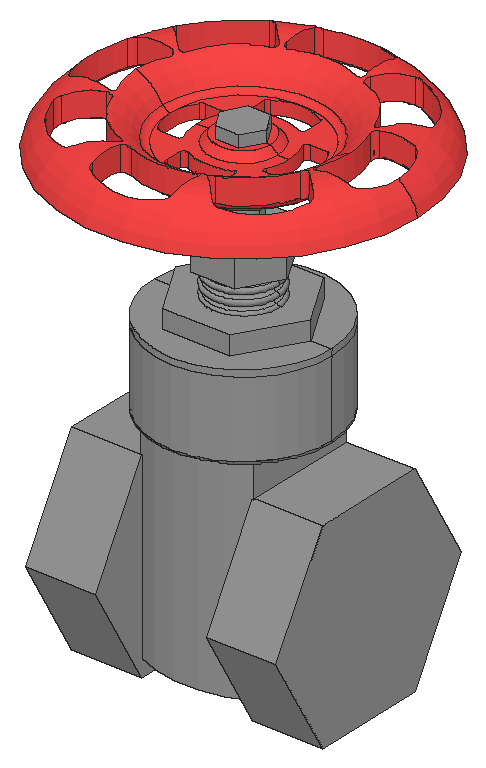
Revit family "707630001_Valvula Compuerta 1-2P", category Pipe Accessories, Revit 2020 (continued)
Definition of nested family "707630001_Valvula Compuerta 1-2P"
  Forms (mm)
    Extrusion 5, void
      sketch origin (0, 0, 0) x (1, 0, 0) y (0, 1, 0)
        loop
          arc (-21.08, 6.099) -> (-21.645, 5.95) -> (-22.064, 5.542) r 1.148
          arc (-22.064, 5.542) -> (-23.601, 0) -> (-22.064, -5.542) r 10.763
          arc (-22.064, -5.542) -> (-21.645, -5.95) -> (-21.08, -6.099) r 1.148
          line (-21.08, -6.099) -> (-15.74, -6.099)
          arc (-15.74, -6.099) -> (-15.133, -5.764) -> (-15.093, -5.072) r 0.718
          arc (-15.093, -5.072) -> (-16.242, 0) -> (-15.093, 5.072) r 11.767
          arc (-15.093, 5.072) -> (-15.133, 5.764) -> (-15.74, 6.099) r 0.718
        loop
          line (-6.099, -15.74) -> (-6.099, -21.08)
          arc (-6.099, -21.08) -> (-5.95, -21.645) -> (-5.542, -22.064) r 1.148
          arc (-5.542, -22.064) -> (0, -23.601) -> (5.542, -22.064) r 10.763
          arc (5.542, -22.064) -> (5.95, -21.645) -> (6.099, -21.08) r 1.148
          line (6.099, -21.08) -> (6.099, -15.74)
          arc (6.099, -15.74) -> (5.764, -15.133) -> (5.072, -15.093) r 0.718
          arc (5.072, -15.093) -> (0, -16.242) -> (-5.072, -15.093) r 11.767
          arc (-5.072, -15.093) -> (-5.764, -15.133) -> (-6.099, -15.74) r 0.718
        loop
          line (6.817, -15.443) -> (10.593, -19.218)
          arc (10.593, -19.218) -> (11.098, -19.513) -> (11.683, -19.52) r 1.148
          arc (11.683, -19.52) -> (16.688, -16.688) -> (19.52, -11.683) r 10.763
          arc (19.52, -11.683) -> (19.513, -11.098) -> (19.218, -10.593) r 1.148
          line (19.218, -10.593) -> (15.443, -6.817)
          arc (15.443, -6.817) -> (14.777, -6.625) -> (14.259, -7.086) r 0.718
          arc (14.259, -7.086) -> (11.485, -11.485) -> (7.086, -14.259) r 11.767
          arc (7.086, -14.259) -> (6.625, -14.777) -> (6.817, -15.443) r 0.718
        loop
          arc (-6.817, -15.443) -> (-6.625, -14.777) -> (-7.086, -14.259) r 0.718
          arc (-7.086, -14.259) -> (-11.485, -11.485) -> (-14.259, -7.086) r 11.767
          arc (-14.259, -7.086) -> (-14.777, -6.625) -> (-15.443, -6.817) r 0.718
          line (-15.443, -6.817) -> (-19.218, -10.593)
          arc (-19.218, -10.593) -> (-19.513, -11.098) -> (-19.52, -11.683) r 1.148
          arc (-19.52, -11.683) -> (-16.688, -16.688) -> (-11.683, -19.52) r 10.763
          arc (-11.683, -19.52) -> (-11.098, -19.513) -> (-10.593, -19.218) r 1.148
          line (-10.593, -19.218) -> (-6.817, -15.443)
      from 0 to 250
    Revolve 6, solid, material <- "Material"
      sketch origin (0, 0, 0) x (1, 0, 0) y (0, 0, 1)
        loop
          line (0, 51.5) -> (-2.5, 51.5) -> (-2.5, 45.5) -> (0, 45.5) -> (0, 51.5)
        axis (0, 51.5) -> (0, 45.5)
      angle from 0 to 360
    Revolve 7, solid, material <- "Material"
      sketch origin (0, 0, 0) x (1, 0, 0) y (0, 0, 1)
        loop
          line (0, 20.394) -> (0, 32.394) -> (-13.5, 32.394) -> (-13.5, 20.894)
          arc (-13.5, 20.894) -> (-13.354, 20.54) -> (-13, 20.394) r 0.5
          line (-13, 20.394) -> (0, 20.394)
        axis (0, 20.394) -> (0, 32.394)
      angle from 0 to 360
    Extrusion 8, solid, material <- "Material"
      sketch origin (0, 0, 0) x (1, 0, 0) y (0, 1, 0)
        loop
          line (6.673, 0) -> (3.336, 5.779) -> (-3.336, 5.779) -> (-6.673, 0) -> (-3.336, -5.779) -> (3.336, -5.779) -> (6.673, 0)
      from 40.533 to 45.5
    Revolve 9, solid, material <- "Material"
      sketch origin (0, 0, 5.192) x (1, 0, 0) y (0, 0, 1)
        loop
          line (0, 35.341) -> (-5, 35.341)
          arc (-5, 35.341) -> (-4.6, 34.941) -> (-5, 34.541) r 0.4
          arc (-5, 34.541) -> (-5.4, 34.141) -> (-5, 33.741) r 0.4
          arc (-5, 33.741) -> (-4.6, 33.341) -> (-5, 32.941) r 0.4
          arc (-5, 32.941) -> (-5.4, 32.541) -> (-5, 32.141) r 0.4
          arc (-5, 32.141) -> (-4.6, 31.741) -> (-5, 31.341) r 0.4
          arc (-5, 31.341) -> (-5.4, 30.941) -> (-5, 30.541) r 0.4
          arc (-5, 30.541) -> (-4.6, 30.141) -> (-5, 29.741) r 0.4
          line (-5, 29.741) -> (0, 29.741) -> (0, 35.341)
        axis (0, 35.341) -> (0, 29.741)
      angle from 0 to 360
    Extrusion 10, solid, material <- "Material"
      sketch origin (0, 0, 0) x (1, 0, 0) y (0, 1, 0)
        loop
          line (3.5, 0) -> (1.75, 3.031) -> (-1.75, 3.031) -> (-3.5, 0) -> (-1.75, -3.031) -> (1.75, -3.031) -> (3.5, 0)
      from 57.904 to 59.702
    Revolve 11, solid, material <- "Material"
      sketch origin (0, 0, 4) x (1, 0, 0) y (0, 0, 1)
        loop
          line (0, 28.394) -> (0, 29.394) -> (-13.5, 29.394) -> (-13.5, 28.394) -> (0, 28.394)
        axis (0, 28.394) -> (0, 29.394)
      angle from 0 to 360
    Extrusion 12, solid, material <- "Material"
      sketch origin (0, 0, 33.394) x (1, 0, 0) y (0, 1, 0)
        loop
          line (10.25, 0) -> (5.125, 8.877) -> (-5.125, 8.877) -> (-10.25, 0) -> (-5.125, -8.877) -> (5.125, -8.877) -> (10.25, 0)
      from 0 to 2.817
    Extrusion 13, solid, material <- "Material"
      sketch origin (0, 0, 0) x (1, 0, 0) y (0, 1, 0)
        loop
          arc (-8.568, -8.711) -> (0, -10.797) -> (8.568, -8.711) r 18.64
          line (8.568, -8.711) -> (8.568, 8.711)
          arc (8.568, 8.711) -> (0, 10.797) -> (-8.568, 8.711) r 18.64
          line (-8.568, 8.711) -> (-8.568, -8.711)
      from -12.447 to 25
  Cuts and joins
    Extrusion 4, Extrusion 5 cuts Revolve 3
  Dimensions and locks
    equal spacing: plane 4, plane 3 "Center (Left/Right)", plane 5
    "Longitud": plane 4 to plane 5
    "Alto": plane 6 to level
    "Diametro 2": plane 10 to plane 9
    equal spacing: plane 10, plane 3 "Center (Left/Right)", plane 9
    aligned and locked: level to plane 2
  Automatic sketch dimensions
    Extrusion 1 sketch curve to level = 0.00 mm  (x2)
    plane 1 "Center (Front/Back)" to Extrusion 1 sketch curve = 17.50 mm
    plane 1 "Center (Front/Back)" to Extrusion 1 sketch curve = 8.75 mm  (x2)
    Extrusion 1 sketch curve to plane 1 "Center (Front/Back)" = 8.75 mm  (x2)
    Extrusion 1 sketch curve to Extrusion 1 sketch curve = 8.75 mm
    Extrusion 1 sketch curve to level = 15.155 mm
    level to Extrusion 1 sketch curve = 15.155 mm
    plane 10 to Revolve 3 sketch curve = 0.00 mm
    plane 4 to Revolve 3 sketch curve = 0.00 mm
    Revolve 3 sketch curve to plane 3 "Center (Left/Right)" = 0.00 mm  (x2)
    Revolve 3 sketch curve to plane 10 = 2.50 mm
    plane 4 to Revolve 3 sketch curve = 0.029 mm
    Revolve 3 sketch curve to plane 7 = 3.848 mm
    Revolve 3 sketch curve to Revolve 3 sketch curve = 1.151 mm
    plane 7 to Revolve 3 sketch curve = 1.734 mm
    Revolve 3 sketch curve to Revolve 3 sketch curve = 1.50 mm  (x2)
    Revolve 3 sketch curve to Revolve 3 sketch curve = 1.766 mm  (x2)
    Revolve 3 sketch curve to Revolve 3 sketch curve = 1.061 mm
    Revolve 3 sketch curve to plane 6 = 10.695 mm
    Revolve 3 sketch curve to plane 6 = 10.00 mm
    Revolve 3 sketch curve to Revolve 3 sketch curve = 2.982 mm
    Revolve 3 sketch curve to Revolve 3 sketch curve = 1.917 mm
    Revolve 3 sketch curve to Revolve 3 sketch curve = 1.80 mm
    Revolve 3 sketch curve to Revolve 3 sketch curve = 2.077 mm
    Revolve 3 sketch curve to plane 6 = 3.596 mm
    Revolve 3 sketch curve to Revolve 3 sketch curve = 1.20 mm
    Revolve 3 sketch curve to Revolve 3 sketch curve = 0.00 mm  (x2)
    plane 1 "Center (Front/Back)" to Extrusion 4 sketch curve = 0.00 mm  (x4)
    Extrusion 4 sketch curve to plane 3 "Center (Left/Right)" = 0.00 mm  (x4)
    Extrusion 4 sketch curve to plane 3 "Center (Left/Right)" = 1.203 mm
    Extrusion 4 sketch curve to plane 3 "Center (Left/Right)" = 3.45 mm  (x2)
    Extrusion 4 sketch curve to Extrusion 4 sketch curve = 2.274 mm  (x4)
    Extrusion 4 sketch curve to Extrusion 4 sketch curve = 0.30 mm  (x8)
    Extrusion 4 sketch curve to Extrusion 4 sketch curve = 0.50 mm  (x3)
    Extrusion 4 sketch curve to Extrusion 4 sketch curve = 0.80 mm  (x5)
    plane 7 to Extrusion 4 sketch curve = 1.853 mm  (x2)
    Extrusion 4 sketch curve to plane 7 = 0.72 mm  (x2)
    plane 3 "Center (Left/Right)" to Extrusion 4 sketch curve = 1.203 mm
    plane 3 "Center (Left/Right)" to Extrusion 4 sketch curve = 3.45 mm  (x2)
    plane 8 to Extrusion 4 sketch curve = 1.853 mm  (x2)
    Extrusion 4 sketch curve to plane 8 = 0.72 mm  (x2)
    plane 1 "Center (Front/Back)" to Extrusion 4 sketch curve = 1.203 mm
    plane 1 "Center (Front/Back)" to Extrusion 4 sketch curve = 3.45 mm  (x2)
    Extrusion 4 sketch curve to Extrusion 4 sketch curve = 2.397 mm  (x4)
    Extrusion 4 sketch curve to Extrusion 4 sketch curve = 2.573 mm  (x4)
    Extrusion 4 sketch curve to plane 1 "Center (Front/Back)" = 1.203 mm
    Extrusion 4 sketch curve to plane 1 "Center (Front/Back)" = 3.45 mm  (x2)
    Extrusion 4 sketch curve to Extrusion 4 sketch curve = 0.00 mm  (x8)
    plane 1 "Center (Front/Back)" to Extrusion 5 sketch curve = 0.00 mm  (x4)
    Extrusion 5 sketch curve to plane 3 "Center (Left/Right)" = 0.00 mm  (x4)
    Extrusion 5 sketch curve to plane 3 "Center (Left/Right)" = 3.164 mm  (x2)
    Extrusion 5 sketch curve to Extrusion 5 sketch curve = 1.311 mm  (x4)
    plane 7 to Extrusion 5 sketch curve = 3.549 mm  (x2)
    plane 7 to Extrusion 5 sketch curve = 3.119 mm  (x2)
    Extrusion 5 sketch curve to Extrusion 5 sketch curve = 0.718 mm  (x4)
    Extrusion 5 sketch curve to Extrusion 5 sketch curve = 1.148 mm  (x4)
    Extrusion 5 sketch curve to Extrusion 5 sketch curve = 0.719 mm  (x8)
    Extrusion 5 sketch curve to Extrusion 5 sketch curve = 0.507 mm  (x16)
    Extrusion 5 sketch curve to plane 7 = 0.578 mm  (x2)
    Extrusion 5 sketch curve to plane 7 = 2.093 mm  (x2)
    Extrusion 5 sketch curve to Extrusion 5 sketch curve = 0.812 mm  (x12)
    Extrusion 5 sketch curve to plane 7 = 4.338 mm
    Extrusion 5 sketch curve to plane 4 = 4.065 mm  (x2)
    Extrusion 5 sketch curve to Extrusion 5 sketch curve = 0.298 mm  (x8)
    Extrusion 5 sketch curve to plane 4 = 0.593 mm  (x2)
    plane 4 to Extrusion 5 sketch curve = 0.218 mm  (x2)
    plane 4 to Extrusion 5 sketch curve = 2.08 mm  (x2)
    plane 3 "Center (Left/Right)" to Extrusion 5 sketch curve = 3.164 mm  (x2)
    plane 8 to Extrusion 5 sketch curve = 3.549 mm  (x2)
    plane 8 to Extrusion 5 sketch curve = 3.119 mm  (x2)
    Extrusion 5 sketch curve to plane 8 = 0.578 mm  (x2)
    Extrusion 5 sketch curve to plane 8 = 2.093 mm  (x2)
    Extrusion 5 sketch curve to plane 8 = 4.338 mm
    Extrusion 5 sketch curve to plane 5 = 4.065 mm  (x2)
    Extrusion 5 sketch curve to plane 5 = 0.593 mm  (x2)
    plane 5 to Extrusion 5 sketch curve = 0.218 mm  (x2)
    plane 5 to Extrusion 5 sketch curve = 2.08 mm  (x2)
    plane 1 "Center (Front/Back)" to Extrusion 5 sketch curve = 3.164 mm  (x2)
    plane 1 "Center (Front/Back)" to Extrusion 5 sketch curve = 4.951 mm  (x2)
    Extrusion 5 sketch curve to Extrusion 5 sketch curve = 0.431 mm  (x4)
    Extrusion 5 sketch curve to Extrusion 5 sketch curve = 1.992 mm  (x4)
    Extrusion 5 sketch curve to Extrusion 5 sketch curve = 4.494 mm  (x4)
    Extrusion 5 sketch curve to Extrusion 5 sketch curve = 8.363 mm  (x2)
    Extrusion 5 sketch curve to Extrusion 5 sketch curve = 5.857 mm  (x4)
    Extrusion 5 sketch curve to Extrusion 5 sketch curve = 3.471 mm  (x4)
    Extrusion 5 sketch curve to Extrusion 5 sketch curve = 1.862 mm  (x2)
    Extrusion 5 sketch curve to plane 1 "Center (Front/Back)" = 3.164 mm  (x2)
    Extrusion 5 sketch curve to plane 1 "Center (Front/Back)" = 4.951 mm  (x2)
    Extrusion 5 sketch curve to Extrusion 5 sketch curve = 5.34 mm  (x2)
    Extrusion 5 sketch curve to Extrusion 5 sketch curve = 0.00 mm  (x16)
    Revolve 6 sketch curve to plane 3 "Center (Left/Right)" = 0.00 mm  (x2)
    Revolve 6 sketch curve to plane 3 "Center (Left/Right)" = 2.50 mm
    Revolve 6 sketch curve to plane 6 = 16.00 mm
    Revolve 6 sketch curve to Revolve 6 sketch curve = 6.00 mm
    Revolve 6 sketch curve to Revolve 6 sketch curve = 1.50 mm
    Revolve 6 sketch curve to Revolve 6 sketch curve = 0.00 mm
    Revolve 7 sketch curve to plane 3 "Center (Left/Right)" = 0.00 mm  (x2)
    Revolve 7 sketch curve to plane 7 = 4.50 mm
    Revolve 7 sketch curve to plane 7 = 5.00 mm
    level to Revolve 7 sketch curve = 20.394 mm
    Revolve 7 sketch curve to Revolve 7 sketch curve = 11.50 mm
    Revolve 7 sketch curve to Revolve 7 sketch curve = 0.00 mm
    Revolve 7 sketch curve to Revolve 7 sketch curve = 4.024 mm
    Revolve 9 sketch curve to plane 3 "Center (Left/Right)" = 0.00 mm  (x2)
    plane 7 to Revolve 9 sketch curve = 3.50 mm
    Revolve 9 sketch curve to plane 6 = 26.567 mm
    Revolve 9 sketch curve to Revolve 9 sketch curve = 0.40 mm  (x2)
    Revolve 9 sketch curve to Revolve 9 sketch curve = 0.80 mm  (x6)
    Revolve 9 sketch curve to Revolve 9 sketch curve = 0.00 mm  (x10)
    Revolve 9 sketch curve to Revolve 9 sketch curve = 1.262 mm
    Revolve 11 sketch curve to plane 3 "Center (Left/Right)" = 0.00 mm  (x2)
    Revolve 11 sketch curve to plane 7 = 5.00 mm
    Revolve 11 sketch curve to plane 6 = 29.106 mm
    Revolve 11 sketch curve to Revolve 11 sketch curve = 1.00 mm
    Revolve 11 sketch curve to Revolve 11 sketch curve = 0.00 mm  (x2)
    plane 1 "Center (Front/Back)" to Extrusion 12 sketch curve = 0.00 mm  (x2)
    Extrusion 12 sketch curve to plane 7 = 1.75 mm
    plane 7 to Extrusion 12 sketch curve = 3.375 mm  (x2)
    plane 8 to Extrusion 12 sketch curve = 3.375 mm  (x2)
    Extrusion 12 sketch curve to plane 8 = 1.75 mm
    plane 1 "Center (Front/Back)" to Extrusion 12 sketch curve = 8.877 mm
    Extrusion 12 sketch curve to plane 1 "Center (Front/Back)" = 8.877 mm
    Extrusion 13 sketch curve to plane 3 "Center (Left/Right)" = 0.00 mm  (x2)
    Extrusion 13 sketch curve to plane 7 = 0.068 mm
    plane 1 "Center (Front/Back)" to Extrusion 13 sketch curve = 8.711 mm
    plane 1 "Center (Front/Back)" to Extrusion 13 sketch curve = 7.843 mm
    Extrusion 13 sketch curve to plane 1 "Center (Front/Back)" = 7.843 mm
    Extrusion 13 sketch curve to Extrusion 13 sketch curve = 0.868 mm
    Extrusion 13 sketch curve to plane 8 = 0.068 mm
    Extrusion 2 sketch curve to level = 0.00 mm  (x2)
    plane 1 "Center (Front/Back)" to Extrusion 2 sketch curve = 8.75 mm  (x2)
    Extrusion 2 sketch curve to Extrusion 2 sketch curve = 8.75 mm  (x2)
    Extrusion 2 sketch curve to plane 1 "Center (Front/Back)" = 8.75 mm  (x2)
    level to Extrusion 2 sketch curve = 15.155 mm
    Extrusion 2 sketch curve to level = 15.155 mm
Types (4, lengths in mm): name | Válvula Compuerta 3/4" | Válvula Compuerta 1/2" | Válvula Compuerta 1" | Rosca de tubería | Referencia | Prueba de seguridad de la manĳa | Peso neto | Peso  Bruto | Model | Longitud | Diámetro | Diametro 2 | Alto
  (no name) | no | yes | no | "Galga de 1/2” 14 NPT GF30866" | "707630001" | "Mínimo 5 N.m: 7 N.m" | "185 gr. - 0,40 lb." | "191 gr. - 0,42 lb." | "Válvula Compuerta 1/2\"" | 38.00 | 12.70 | 53.00 | 61.50
  Válvula Compuerta 1" | no | no | yes | "Galga de 1” 11-1/2 NPT" | "707650001" | "Mínimo 10 N.m: 10 N.m" | "445 gr. - 0,98 lb." | "454 gr. - 1 lb." | "Válvula Compuerta 1\"" | 45.00 | 25.40 | 57.50 | 75.70
  Válvula Compuerta 1/2" | no | yes | no | "Galga de 1/2” 14 NPT GF30866" | "707630001" | "Mínimo 5 N.m: 7 N.m" | "185 gr. - 0,40 lb." | "191 gr. - 0,42 lb." | "Válvula Compuerta 1/2\"" | 38.00 | 12.70 | 53.00 | 61.50
  Válvula Compuerta 3/4" | yes | no | no | "Galga de 3/4” 14 NPT" | "707640001" | "Mínimo 5 N.m: 7 N.m" | "200 gr. - 0,44 lb." | "207 gr. - 0,45 lb." | "Válvula Compuerta 3/4\"" | 41.00 | 19.05 | 53.00 | 69.00
